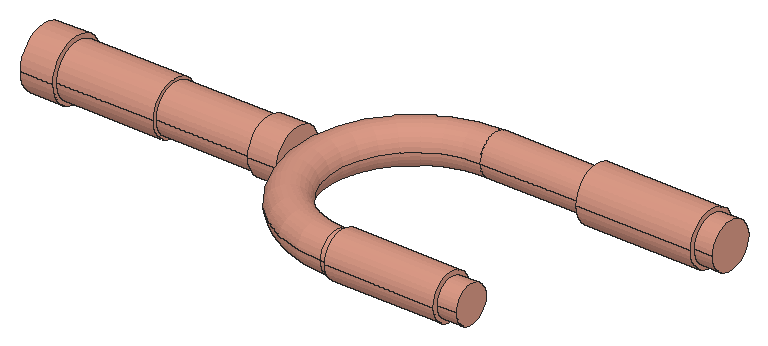
Revit family "outputfile", category 配管付属品, Revit 2024
Family settings
  丸型コネクタ寸法 = 半径を使用
  パーツ タイプ = 標準
  OmniClass 番号 = 23.65.55.00
  OmniClass タイトル = Distribution of Supplied Liquids/Gases
  作業面ベース = いいえ
  常に垂直 = はい
  ロード時にボイドで切り取り = いいえ
  共有 = いいえ
Parameters (values of type "KHRP24B33T")
  Description = ""
  製造元 = "Daikin"
  書き出し IFC クラス(タイプ) = "IfcPipeFittingType"
  定義済み IFC タイプ(タイプ) = "JUNCTION"
  Cost = 0
  Type Comments = ""
  Keynote = ""
  Type Image = (empty or 0)
  Assembly Code = ""
  switch_StraightPipe_Reducer2 [instance] = if(Is_StraightPipe Reducer = 1, 1 = 1, 1 = 0)  # no
  switch_StraightPipe1 [instance] = if(number_StraightPipe < 1, 1 = 0, 1 = 1)  # yes
  switch_StraightPipe4 [instance] = if(number_StraightPipe = 4, 1 = 1, 1 = 0)  # no
  switch_StraightPipe0 = if(1 = 1, 1 = 1, 1 = 0)  # yes
  switch_Inlet pipe1 [instance] = if(number_InletPipe = 0, 1 = 0, 1 = 1)  # yes
  switch_BranchPipe1 [instance] = if(number_BranchPipe = 0, 1 = 0, 1 = 1)  # yes
  mm⇔inch [instance] = yes
  l_dividePipe2 [instance] = size_lookup(table_Inlet, "L_devidePipe2", 49.3 mm, モデル)  # 50.06 mm
  l_dividePipe0 [instance] = 7.5 mm
  l_StraightPipe000 [instance] = if(l_StraightPipe0 = 36.0 mm, l_StraightPipe4 + l_StraightPipe0, 0.0 mm)  # 0.0 mm
  l_StraightPipe4 [instance] = size_lookup(table_StraightPipe, "L_Pipe4", 2.0 mm, モデル)  # 2.0 mm
  l_InletPipe000 [instance] = if(l_InletPipe3 = 2.0 mm, 0.0 mm, l_InletPipe3)  # 0.0 mm
  l_InletPipe00 = 11.47 mm
  l_BranchPipe_Straight2 [instance] = size_lookup(table_BranchPipe, "L_offsetPipe2", 2.0 mm, モデル)  # 2.0 mm
  l_BranchPipe_Straight1 [instance] = size_lookup(table_BranchPipe, "L_offsetPipe1", 2.0 mm, モデル)  # 2.0 mm
  URL = ""
  Is_StraightPipe Reducer1 [instance] = size_lookup(table_StraightPipe, "IsReducer1", 0, モデル, StraightPipe_Gas_ActualDiameter)  # 0
  I.D_StraightPipe4 [instance] = size_lookup(table_StraightPipe, "I.D_PipeSize4", 2.0 mm, モデル)  # 2.0 mm
  I.D_InletPipe000 [instance] = I.D_OutletPipe + 2.0 mm  # 15.88 mm
  I.D_InletPipe00 = 19.2 mm
  既定の高さ = 0.0 mm
  モデル = "KHRP24B33T"
  table_StraightPipe [instance] = if(mm⇔inch, "Refnet Joint_KHRP24B-T_Gas_StraightPipe", "Refnet Joint_KHRP24B-T_Gas_StraightPipe_inch")  # "Refnet Joint_KHRP24B-T_Gas_StraightPipe"
  table_BranchPipe [instance] = if(mm⇔inch, "Refnet Joint_KHRP24B-T_Gas_BranchPipe", "Refnet Joint_KHRP24B-T_Gas_BranchPipe_inch")  # "Refnet Joint_KHRP24B-T_Gas_BranchPipe"
  table_Inlet [instance] = if(mm⇔inch, "Refnet Joint_KHRP24B-T_Gas_Inlet", "Refnet Joint_KHRP24B-T_Gas_Inlet_inch")  # "Refnet Joint_KHRP24B-T_Gas_Inlet"
  switch_StraightPipe_Reducer1 [instance] = if(Is_StraightPipe Reducer1 = 1, 1 = 1, 1 = 0)  # no
  switch_StraightPipe3 [instance] = if(number_StraightPipe < 3, 1 = 0, 1 = 1)  # no
  switch_StraightPipe2 [instance] = if(number_StraightPipe < 2, 1 = 0, 1 = 1)  # no
  switch_BranchPipe_Reducer [instance] = if(Is_BranchPipe Reducer = 1, 1 = 1, 1 = 0)  # no
  switch_BranchPipe3 [instance] = if(number_BranchPipe = 3, 1 = 1, 1 = 0)  # no
  switch_BranchPipe2 [instance] = if(number_BranchPipe < 2, 1 = 0, 1 = 1)  # yes
  switch_Inlet pipe_Reducer [instance] = if(Is_Inlet Reducer = 1, 1 = 1, 1 = 0)  # no
  switch_Inlet pipe3 [instance] = if(number_InletPipe = 3, 1 = 1, 1 = 0)  # no
  switch_Inlet pipe2 [instance] = if(number_InletPipe < 2, 1 = 0, 1 = 1)  # yes
  Uniclass2015Version = "Products v1.31"
  Uniclass2015Title = "Copper pipe fittings"
  Uniclass2015Code = "Pr_65_52_63_18"
  StraightPipe_Gas_ActualDiameter [instance] = 15.9 mm
  Material_Piping = DAIKIN_Copper_Pipe
  Material_Insulation = DAIKIN_White_Insulation
  lw_Insulation [instance] = size_lookup(table_Inlet, "lw_Insulation", 45.0 mm, モデル)  # 54.96 mm
  Unit Type = "KHRP24B-T_Gas"
  Tag No. [instance] = ""
  StraightPipe_Gas_Status [instance] = size_lookup(table_StraightPipe, "Information", "The connected pipe size is not available.", モデル, StraightPipe_Gas_ActualDiameter)  # "Default connector size is used."
  Link_Nested Family [instance] = ""
  Inlet_Gas_Actual Diameter [instance] = 22.2 mm
  IfcVersion = ""
  IfcExportType = "JUNCTION"
  IfcExportAs = "IfcPipeFittingType"
  BranchPipe_Gas_Status [instance] = size_lookup(table_BranchPipe, "Information", "The connected pipe size is not available.", モデル, BranchPipe_Gas_ActualDiameter)  # "Default connector size is used."
  Inlet_Gas_Status [instance] = size_lookup(table_Inlet, "Information", "The connected pipe size is not available.", モデル, Inlet_Gas_Actual Diameter)  # "Default connector size is used."
  Series = "Refnet Joint"
  r_StraightPipe_Connector [instance] = StraightPipe_Gas_ActualDiameter / 2  # 7.95 mm
  r_BranchPipe_Connector [instance] = BranchPipe_Gas_ActualDiameter / 2  # 6.35 mm
  r_Inlet_Connector [instance] = Inlet_Gas_Actual Diameter / 2  # 11.1 mm
  number_StraightPipe [instance] = size_lookup(table_StraightPipe, "pipeNumber", 2, モデル, StraightPipe_Gas_ActualDiameter)  # 1
  number_BranchPipe [instance] = size_lookup(table_BranchPipe, "pipeNumber", 2, モデル, BranchPipe_Gas_ActualDiameter)  # 2
  number_InletPipe [instance] = size_lookup(table_Inlet, "pipeNumber", 3, モデル, Inlet_Gas_Actual Diameter)  # 2
  l_BranchPipe connector [instance] = size_lookup(table_BranchPipe, "Length", 52.3 mm, モデル, BranchPipe_Gas_ActualDiameter)  # 51.47 mm
  l_inlet connector [instance] = size_lookup(table_Inlet, "Length", 131.5 mm, モデル, Inlet_Gas_Actual Diameter)  # 101.47 mm
  l_dividePipe1 [instance] = size_lookup(table_Inlet, "L_devidePipe1", 89.3 mm, モデル)  # 88.01 mm
  l_StraightPipeReducer [instance] = size_lookup(table_StraightPipe, "L_Reducer", 2.0 mm, モデル, StraightPipe_Gas_ActualDiameter)  # 2.0 mm
  l_StraightPipe3 [instance] = size_lookup(table_StraightPipe, "L_Pipe3", 2.0 mm, モデル)  # 2.0 mm
  l_StraightPipe2 [instance] = size_lookup(table_StraightPipe, "L_Pipe2", 8.7 mm, モデル)  # 2.0 mm
  l_StraightPipe1 [instance] = size_lookup(table_StraightPipe, "L_Pipe1", 43.6 mm, モデル)  # 7.6 mm
  l_StraightPipe0 [instance] = size_lookup(table_StraightPipe, "L_Pipe0", 2.0 mm, モデル)  # 45.9 mm
  l_StraightPipe connector [instance] = size_lookup(table_StraightPipe, "Length", 52.3 mm, モデル, StraightPipe_Gas_ActualDiameter)  # 53.5 mm
  l_BranchPipe Reducer [instance] = size_lookup(table_BranchPipe, "L_Reducer", 2.0 mm, モデル, BranchPipe_Gas_ActualDiameter)  # 2.0 mm
  l_BranchPipe3 [instance] = size_lookup(table_BranchPipe, "L_Pipe3", 2.0 mm, モデル)  # 2.0 mm
  l_BranchPipe2 [instance] = size_lookup(table_BranchPipe, "L_Pipe2", 8.7 mm, モデル)  # 8.0 mm
  l_BranchPipe1 [instance] = size_lookup(table_BranchPipe, "L_Pipe1", 43.6 mm, モデル)  # 43.47 mm
  l_BranchPipe0 [instance] = size_lookup(table_BranchPipe, "L_Pipe0", 2.0 mm, モデル)  # 2.0 mm
  l_InletReducer [instance] = size_lookup(table_Inlet, "L_Reducer", 2.0 mm, モデル, Inlet_Gas_Actual Diameter)  # 2.0 mm
  l_InletPipe3 [instance] = size_lookup(table_Inlet, "L_Pipe3", 8.0 mm, モデル)  # 2.0 mm
  l_InletPipe2 [instance] = size_lookup(table_Inlet, "L_Pipe2", 42.0 mm, モデル)  # 13.02 mm
  l_InletPipe1 [instance] = size_lookup(table_Inlet, "L_Pipe1", 41.4 mm, モデル)  # 39.08 mm
  l_InletPipe0 [instance] = size_lookup(table_Inlet, "L_Pipe0", 28.6 mm, モデル)  # 37.9 mm
  center_StraightPipe [instance] = size_lookup(table_StraightPipe, "center_Pipe", 40.0 mm, モデル)  # 40.0 mm
  center_BranchPipe [instance] = size_lookup(table_BranchPipe, "center_OffsetPipe", 40.0 mm, モデル)  # 40.0 mm
  StraightPipe_Gas_AvailableDiameter [instance] = size_lookup(table_StraightPipe, "sizeVariation", "", モデル)  # "15.9/19.1/22.2/25.4mm"
  BranchPipe_Gas_AvailableDiameter [instance] = size_lookup(table_BranchPipe, "sizeVariation", "", モデル)  # "12.7/15.9/19.1mm"
  Inlet_Gas_Available Diameter [instance] = size_lookup(table_Inlet, "sizeVariation", "", モデル)  # "19.1/22.2mm"
  O.D_StraightPipe Reducer [instance] = size_lookup(table_StraightPipe, "O.D_reducer", 2.0 mm, モデル, StraightPipe_Gas_ActualDiameter)  # 2.0 mm
  O.D_Offset Outlet Reducer [instance] = size_lookup(table_BranchPipe, "O.D_reducer", 2.0 mm, モデル, BranchPipe_Gas_ActualDiameter)  # 2.0 mm
  O.D_Inlet Reducer [instance] = size_lookup(table_Inlet, "O.D_reducer", 2.0 mm, モデル, Inlet_Gas_Actual Diameter)  # 2.0 mm
  Is_StraightPipe Reducer [instance] = size_lookup(table_StraightPipe, "IsReducer", 0, モデル, StraightPipe_Gas_ActualDiameter)  # 0
  Is_BranchPipe Reducer [instance] = size_lookup(table_BranchPipe, "IsReducer", 0, モデル, BranchPipe_Gas_ActualDiameter)  # 0
  Is_Inlet Reducer [instance] = size_lookup(table_Inlet, "IsReducer", 0, モデル, Inlet_Gas_Actual Diameter)  # 0
  BranchPipe_Gas_ActualDiameter [instance] = 12.7 mm
  Attach_Insulation [instance] = no
  I.D_StraightPipe3 [instance] = size_lookup(table_StraightPipe, "I.D_PipeSize3", 2.0 mm, モデル)  # 2.0 mm
  I.D_StraightPipe2 [instance] = size_lookup(table_StraightPipe, "I.D_PipeSize2", 12.7 mm, モデル)  # 2.0 mm
  I.D_StraightPipe1 [instance] = size_lookup(table_StraightPipe, "I.D_PipeSize1", 15.9 mm, モデル)  # 15.9 mm
  I.D_StraightPipe0 [instance] = size_lookup(table_StraightPipe, "I.D_PipeSize0", 2.0 mm, モデル)  # 19.1 mm
  I.D_BranchPipe3 [instance] = size_lookup(table_BranchPipe, "I.D_PipeSize3", 2.0 mm, モデル)  # 2.0 mm
  I.D_BranchPipe2 [instance] = size_lookup(table_BranchPipe, "I.D_PipeSize2", 12.7 mm, モデル)  # 12.7 mm
  I.D_BranchPipe1 [instance] = size_lookup(table_BranchPipe, "I.D_PipeSize1", 15.9 mm, モデル)  # 15.9 mm
  I.D_BranchPipe0 [instance] = size_lookup(table_BranchPipe, "I.D_PipeSize0", 2.0 mm, モデル)  # 2.0 mm
  I.D_Straight Reducer [instance] = size_lookup(table_StraightPipe, "I.D_reducer", 2.0 mm, モデル, StraightPipe_Gas_ActualDiameter)  # 2.0 mm
  I.D_OutletPipe [instance] = size_lookup(table_Inlet, "I.D_OutletPipeSize", 13.9 mm, モデル, Inlet_Gas_Actual Diameter)  # 13.88 mm
  I.D_Branch Reducer [instance] = size_lookup(table_BranchPipe, "I.D_reducer", 2.0 mm, モデル, BranchPipe_Gas_ActualDiameter)  # 2.0 mm
  I.D_Inlet Reducer [instance] = size_lookup(table_Inlet, "I.D_reducer", 2.0 mm, モデル, Inlet_Gas_Actual Diameter)  # 2.0 mm
  I.D_InletPipe3 [instance] = size_lookup(table_Inlet, "I.D_PipeSize3", 12.7 mm, モデル)  # 2.0 mm
  I.D_InletPipe2 [instance] = size_lookup(table_Inlet, "I.D_PipeSize2", 15.9 mm, モデル)  # 22.2 mm
  I.D_InletPipe1 [instance] = size_lookup(table_Inlet, "I.D_PipeSize1", 19.1 mm, モデル)  # 19.1 mm
  I.D_InletPipe0 [instance] = size_lookup(table_Inlet, "I.D_PipeSize0", 17.1 mm, モデル)  # 17.05 mm
Reference planes
  plane 1 "Center (Front/Back)": y = 0
  plane 2: z = 0
  plane 3 "base_left": x = 0
  plane 4: x = 2
  plane 5: x = 13.02
  plane 6: x = 52.1
  plane 7: x = 90
  plane 8: x = 101.47
  plane 9 "l_dividePipe1": x = 189.48
  plane 10: x = 235.38
  plane 11 "center_straight outlet": y = 40
  plane 12 "center2_offset outlet": y = -40
  plane 13: x = 242.98
  plane 14: x = 244.98
  plane 15: x = 195
  plane 16: x = 203
  plane 17: x = 246.98
  plane 18: x = 205
  plane 19 "Reducer_straightoutlet": x = 203
  plane 20 "connector1": x = 242.98
  plane 21 "Inlet_connector": x = 0
  plane 22 "Left_Insulation": x = 46.51
  plane 23: x = 108.97
  plane 24 "l_dividePipe2": x = 151.53
  plane 25: x = 148.97
  plane 26 "2": x = 0
  plane 27: x = 248.98
Forms (mm)
  Sweep 1, solid, material "DAIKIN_Copper_Pipe" <- "Material_Piping"
    path origin (0, 0, 0) x (1, 0, 0) y (0, 1, 0)
      loop
        line (151.53, -40) -> (148.97, -40)
        arc (148.97, -40) -> (108.97, 0) -> (148.97, 40) r 40
        line (148.97, 40) -> (189.48, 40)
    profile origin (169.225, 40, 0) x (0, 1, 0) y (0, 0, 1)
      loop
        circle (0, 0) r 7.94
Dimensions and locks
  "l_InletPipe3": plane 3 "base_left" to plane 4
  "l_InletPipe2": plane 26 "2" to plane 5
  "l_InletPipe1": plane 5 to plane 6
  "l_InletPipe0": plane 6 to plane 7
  "l_InletPipe00": plane 7 to plane 8
  "center_StraightPipe": plane 1 "Center (Front/Back)" to plane 11 "center_straight outlet"
  "center_BranchPipe": plane 12 "center2_offset outlet" to plane 1 "Center (Front/Back)"
  "l_dividePipe1": plane 8 to plane 9 "l_dividePipe1"
  "l_StraightPipe1": plane 10 to plane 13
  "l_BranchPipe2": plane 15 to plane 16
  "l_StraightPipe3": plane 14 to plane 17
  "l_BranchPipe3": plane 16 to plane 18
  "l_BranchPipe connector": plane 24 "l_dividePipe2" to plane 19 "Reducer_straightoutlet"
  "l_StraightPipe connector": plane 9 "l_dividePipe1" to plane 20 "connector1"
  "l_inlet connector": plane 21 "Inlet_connector" to plane 8
  "lw_Insulation": plane 22 "Left_Insulation" to plane 8
  "l_dividePipe0": plane 8 to plane 23
  "l_dividePipe2": plane 8 to plane 24 "l_dividePipe2"
  "l_BranchPipe1": plane 24 "l_dividePipe2" to plane 15
  "center_StraightPipe": plane 23 to plane 25
  "l_InletPipe000": plane 3 "base_left" to plane 26 "2"
  "l_StraightPipe0": plane 9 "l_dividePipe1" to plane 10
  "l_StraightPipe2": plane 13 to plane 14
  "l_StraightPipe4": plane 17 to plane 27
  "center_StraightPipe": radius of Sweep 1 sketch curve
  "I.D_InletPipe000": diameter of Sweep 1 sketch curve
  aligned and locked: level to plane 2
  aligned and locked: plane 8 to nested 1
  aligned and locked: plane 1 "Center (Front/Back)" to nested 1
  aligned and locked: plane 11 "center_straight outlet" to nested 2
  aligned and locked: nested 2 to plane 9 "l_dividePipe1"
  aligned and locked: plane 12 "center2_offset outlet" to nested 3
  aligned and locked: nested 4 to plane 1 "Center (Front/Back)"
  aligned and locked: nested 5 to plane 12 "center2_offset outlet"
  aligned and locked: plane 20 "connector1" to nested 6
  aligned and locked: nested 6 to plane 11 "center_straight outlet"
  aligned and locked: nested 4 to plane 21 "Inlet_connector"
  aligned and locked: plane 19 "Reducer_straightoutlet" to nested 5
  aligned and locked: plane 1 "Center (Front/Back)" to nested 7
  aligned and locked: plane 22 "Left_Insulation" to nested 7
  aligned and locked: plane 1 "Center (Front/Back)" to Sweep 1 sketch curve
  aligned and locked: plane 9 "l_dividePipe1" to Sweep 1 sketch curve
  aligned and locked: plane 25 to Sweep 1 sketch curve
  aligned and locked: plane 24 "l_dividePipe2" to nested 3
  aligned and locked: nested 8 to plane 11 "center_straight outlet"
  aligned and locked: plane 24 "l_dividePipe2" to Sweep 1 sketch curve
  aligned and locked: plane 1 "Center (Front/Back)" to nested 9
  aligned and locked: nested 9 to plane 8
  aligned and locked: nested 9 to plane 7
  aligned and locked: plane 2 to nested 9
  aligned and locked: nested 10 to plane 7
  aligned and locked: plane 1 "Center (Front/Back)" to nested 10
  aligned and locked: plane 6 to nested 10
  aligned and locked: plane 1 "Center (Front/Back)" to nested 11
  aligned and locked: plane 6 to nested 11
  aligned and locked: plane 5 to nested 11
  aligned and locked: plane 5 to nested 12
  aligned and locked: plane 26 "2" to nested 12
  aligned and locked: plane 3 "base_left" to nested 13
  aligned and locked: plane 4 to nested 13
  aligned and locked: plane 24 "l_dividePipe2" to nested 14
  aligned and locked: nested 14 to plane 12 "center2_offset outlet"
  aligned and locked: plane 15 to nested 14
  aligned and locked: nested 15 to plane 12 "center2_offset outlet"
  aligned and locked: plane 15 to nested 15
  aligned and locked: plane 16 to nested 15
  aligned and locked: nested 16 to plane 12 "center2_offset outlet"
  aligned and locked: plane 16 to nested 16
  aligned and locked: plane 18 to nested 16
  aligned and locked: nested 17 to plane 11 "center_straight outlet"
  aligned and locked: nested 17 to plane 9 "l_dividePipe1"
  aligned and locked: nested 17 to plane 10
  aligned and locked: nested 18 to plane 11 "center_straight outlet"
  aligned and locked: nested 18 to plane 10
  aligned and locked: nested 19 to plane 11 "center_straight outlet"
  aligned and locked: plane 13 to nested 18
  aligned and locked: nested 20 to plane 11 "center_straight outlet"
  aligned and locked: nested 21 to plane 11 "center_straight outlet"
  aligned and locked: plane 17 to nested 21
  aligned and locked: plane 27 to nested 21
  aligned and locked: plane 17 to nested 20
  aligned and locked: plane 14 to nested 20
  aligned and locked: plane 14 to nested 19
  aligned and locked: plane 13 to nested 19
  aligned and locked: nested 8 to plane 10
Automatic sketch dimensions
  Sweep 1 sketch curve to level = 0.0 mm
  Sweep 1 sketch curve to profile plane = 0.0 mm
Nested families
  nested 1: "daikin_connector_rotate2" at (101.47, 0, 0) x (0, -1, 0) z (0, 0, 1), length <- "l_inlet connector", type "daikin_connector_rotate2"
    with radius 5.0 mm, length 101.47 mm, angle_vertical 90.00°, show_face no, locaton_mark no
  nested 2: "daikin_connector_rotate2" at (189.48, 40, 0) x (0, 1, 0) z (0, 0, 1), length <- "l_StraightPipe connector", type "daikin_connector_rotate2"
    with radius 5.0 mm, length 53.5 mm, angle_vertical 90.00°, show_face no, locaton_mark no
  nested 3: "daikin_connector_rotate2" at (151.53, -40, 0) x (0, 1, 0) z (0, 0, 1), length <- "l_BranchPipe connector", type "daikin_connector_rotate2"
    with radius 5.0 mm, length 51.47 mm, angle_vertical 90.00°, show_face no, locaton_mark no
  nested 4: "daikin_Pipe_reducer" at (1, 0, 0) x (-1, 0, 0) z (0, 0, 1), display <- "switch_Inlet pipe_Reducer", length_Pipe <- "l_InletReducer", I.D_Pipe1 <- "I.D_Inlet Reducer", O.D_Pipe2 <- "O.D_Inlet Reducer", type "*"
    with length_Pipe 2.0 mm, display no, O.D_Pipe2 2.0 mm, O.D_Pipe1 4.0 mm, I.D_Pipe2 0.0 mm, I.D_Pipe1 2.0 mm
  nested 5: "daikin_Pipe_reducer" at (202, -40, 0), I.D_Pipe1 <- "I.D_Branch Reducer", O.D_Pipe2 <- "O.D_Offset Outlet Reducer", length_Pipe <- "l_BranchPipe Reducer", display <- "switch_BranchPipe_Reducer", type "*"
    with length_Pipe 2.0 mm, display no, O.D_Pipe2 2.0 mm, O.D_Pipe1 4.0 mm, I.D_Pipe2 0.0 mm, I.D_Pipe1 2.0 mm
  nested 6: "daikin_Pipe_reducer" at (241.98, 40, 0), I.D_Pipe1 <- "I.D_Straight Reducer", O.D_Pipe2 <- "O.D_StraightPipe Reducer", length_Pipe <- "l_StraightPipeReducer", display <- "switch_StraightPipe_Reducer2", type "*"
    with length_Pipe 2.0 mm, display no, O.D_Pipe2 2.0 mm, O.D_Pipe1 4.0 mm, I.D_Pipe2 0.0 mm, I.D_Pipe1 2.0 mm
  nested 7: "daikin_Insulation_RefnetJoint" at (46.51, 0, 0), I.D_Outlet PipeSize <- "I.D_OutletPipe", type "*"
    with h 45.88 mm, I.D_Outlet PipeSize 13.88 mm, w_Insulation1 38.0 mm, display no
  nested 8: "daikin_Pipe_reducer" at (236.38, 40, 0), display <- "switch_StraightPipe_Reducer1", length_Pipe <- "l_StraightPipeReducer", type "*"
    with length_Pipe 2.0 mm, display no, O.D_Pipe2 19.1 mm, O.D_Pipe1 24.2 mm, I.D_Pipe2 17.1 mm, I.D_Pipe1 22.2 mm
  nested 9: "daikin_Pipe" at (95.735, 0, 0), I.D_Pipe <- "I.D_InletPipe00", type "*"
    with length_Pipe 11.47 mm, display yes, O.D_Pipe 21.2 mm, I.D_Pipe 19.2 mm
  nested 10: "daikin_Pipe" at (71.05, 0, 0), I.D_Pipe <- "I.D_InletPipe0", type "*"
    with length_Pipe 37.9 mm, display yes, O.D_Pipe 19.05 mm, I.D_Pipe 17.05 mm
  nested 11: "daikin_Pipe" at (32.56, 0, 0), I.D_Pipe <- "I.D_InletPipe1", display <- "switch_Inlet pipe1", type "*"
    with length_Pipe 39.08 mm, display yes, O.D_Pipe 21.1 mm, I.D_Pipe 19.1 mm
  nested 12: "daikin_Pipe" at (6.51, 0, 0), I.D_Pipe <- "I.D_InletPipe2", display <- "switch_Inlet pipe2", type "*"
    with length_Pipe 13.02 mm, display yes, O.D_Pipe 24.2 mm, I.D_Pipe 22.2 mm
  nested 13: "daikin_Pipe" at (1, 0, 0), I.D_Pipe <- "I.D_InletPipe3", display <- "switch_Inlet pipe3", type "*"
    with length_Pipe 2.0 mm, display no, O.D_Pipe 4.0 mm, I.D_Pipe 2.0 mm
  nested 14: "daikin_Pipe" at (173.265, -40, 0), I.D_Pipe <- "I.D_BranchPipe1", display <- "switch_BranchPipe1", type "*"
    with length_Pipe 43.47 mm, display yes, O.D_Pipe 17.9 mm, I.D_Pipe 15.9 mm
  nested 15: "daikin_Pipe" at (199, -40, 0), I.D_Pipe <- "I.D_BranchPipe2", display <- "switch_BranchPipe2", type "*"
    with length_Pipe 8.0 mm, display yes, O.D_Pipe 14.7 mm, I.D_Pipe 12.7 mm
  nested 16: "daikin_Pipe" at (204, -40, 0), I.D_Pipe <- "I.D_BranchPipe3", display <- "switch_BranchPipe3", type "*"
    with length_Pipe 2.0 mm, display no, O.D_Pipe 4.0 mm, I.D_Pipe 2.0 mm
  nested 17: "daikin_Pipe" at (212.43, 40, 0), I.D_Pipe <- "I.D_StraightPipe0", display <- "switch_StraightPipe0", type "*"
    with length_Pipe 45.9 mm, display yes, O.D_Pipe 21.1 mm, I.D_Pipe 19.1 mm
  nested 18: "daikin_Pipe" at (239.18, 40, 0), I.D_Pipe <- "I.D_StraightPipe1", display <- "switch_StraightPipe1", type "*"
    with length_Pipe 7.6 mm, display yes, O.D_Pipe 17.9 mm, I.D_Pipe 15.9 mm
  nested 19: "daikin_Pipe" at (243.98, 40, 0), I.D_Pipe <- "I.D_StraightPipe2", display <- "switch_StraightPipe2", type "*"
    with length_Pipe 2.0 mm, display no, O.D_Pipe 4.0 mm, I.D_Pipe 2.0 mm
  nested 20: "daikin_Pipe" at (245.98, 40, 0), I.D_Pipe <- "I.D_StraightPipe3", display <- "switch_StraightPipe3", type "*"
    with length_Pipe 2.0 mm, display no, O.D_Pipe 4.0 mm, I.D_Pipe 2.0 mm
  nested 21: "daikin_Pipe" at (247.98, 40, 0), I.D_Pipe <- "I.D_StraightPipe4", display <- "switch_StraightPipe4", type "*"
    with length_Pipe 2.0 mm, display no, O.D_Pipe 4.0 mm, I.D_Pipe 2.0 mm
Connectors
  piping at (0, 0, 0), diameter 22.2, driven by "r_Inlet_Connector"
    settings: on nested 1, index 1, connector inside diameter 609.6 mm, connector length 0.0 mm, flow factor 0, pipe flow 0.00 m³/h, pressure drop 0.0 Pa, fitting loss kfactor 0, connector angle 0.00°, fixture units 0, engagement length 0.0 mm, angle of deflection 0.00°, flow configuration 0, flow direction 2, fitting loss method 0, system type 29, joint type 0, gender type 0, connector reference index -1, connector utility 0, adjustable connector no, is connector primary yes, connector description "Refnet Joint_Inlet_Gas"
  piping at (203, -40, 0), diameter 12.7, driven by "r_BranchPipe_Connector"
    settings: on nested 3, index 2, connector inside diameter 609.6 mm, connector length 0.0 mm, flow factor 0, pipe flow 0.00 m³/h, pressure drop 0.0 Pa, fitting loss kfactor 0, connector angle 0.00°, fixture units 0, engagement length 0.0 mm, angle of deflection 0.00°, flow configuration 0, flow direction 1, fitting loss method 0, system type 29, joint type 0, gender type 0, connector reference index -1, connector utility 0, adjustable connector no, is connector primary no, connector description "Refnet Joint_Outlet Branch_Gas"
  piping at (242.98, 40, 0), diameter 15.9, driven by "r_StraightPipe_Connector"
    settings: on nested 2, index 3, connector inside diameter 609.6 mm, connector length 0.0 mm, flow factor 0, pipe flow 0.00 m³/h, pressure drop 0.0 Pa, fitting loss kfactor 0, connector angle 0.00°, fixture units 0, engagement length 0.0 mm, angle of deflection 0.00°, flow configuration 0, flow direction 1, fitting loss method 0, system type 29, joint type 0, gender type 0, connector reference index -1, connector utility 0, adjustable connector no, is connector primary no, connector description "Refnet Joint_Outlet Straight_Gas"
Definition of nested family "daikin_Pipe"
  Parameters (values of type "*")
    Default Elevation = 0.0 mm
    material = none
    length_Pipe [instance] = 150.0 mm
    display [instance] = yes
    O.D_Pipe [instance] = I.D_Pipe + 2.0 mm  # 27.0 mm
    I.D_Pipe [instance] = 25.0 mm
  Reference planes
    plane 1 "Center (Front/Back)": y = 0
    plane 2 "center(vertical)": z = 0
    plane 3 "Center (Left/Right)": x = 0
    plane 4 "left": x = -75
    plane 5 "right": x = 75
  Forms (mm)
    Extrusion 1, solid, material <- "material", visible <- "display"
      sketch origin (0, 0, 0) x (0, 1, 0) y (0, 0, 1)
        loop
          circle (0, 0) r 13.5
      from -75 to 75
  Dimensions and locks
    equal spacing: plane 4 "left", plane 3 "Center (Left/Right)", plane 5 "right"
    "length_Pipe": plane 4 "left" to plane 5 "right"
    "O.D_Pipe": diameter of Extrusion 1 sketch curve
    aligned and locked: level to plane 2 "center(vertical)"
    aligned and locked: plane 2 "center(vertical)" to Extrusion 1 sketch curve
    aligned and locked: plane 1 "Center (Front/Back)" to Extrusion 1 sketch curve
    aligned and locked: plane 5 "right" to Extrusion 1
    aligned and locked: Extrusion 1 to plane 4 "left"
Definition of nested family "daikin_connector_rotate2"
  Parameters (values of type "daikin_connector_rotate2")
    show_face = yes
    radius [instance] = 10.0 mm
    locaton_mark = yes
    length [instance] = 600.0 mm
    d_surface = 10.0 mm
    angle_vertical [instance] = 90.00°
    Default Elevation = 0.0 mm
  Reference planes
    plane 1 "Center (Front/Back)": y = 0
    plane 2: z = 0
    plane 3 "Center (Left/Right)": x = 0
  Forms (mm)
    Extrusion 1, solid, visible <- "show_face"
      sketch origin (0, -600, 0) x (1, 0, 0) y (0, 0, 1)
        loop
          circle (0, 0) r 10
      from 0 to -10
  Lines and regions (mm)
    reference lines
      curve 1: line (0, 0, 0) -> (0, -600, 0)
    symbolic lines, visible <- "locaton_mark"
      curve 2: circle (0, 0, 0) r 5 normal (0, 0, 1)
    model lines, visible <- "show_face"
      curve 3: line (0, 0, 0) -> (0, -600, 0)
  Dimensions and locks
    "length": curve 1 to curve 1
    "length": curve 3 to curve 3
    "d_surface": Extrusion 1 to Extrusion 1
    "radius": radius of Extrusion 1 sketch curve
    "angle_vertical": angle curve 1 to plane 1 "Center (Front/Back)"
    "angle_vertical": angle curve 3 to plane 1 "Center (Front/Back)"
    aligned and locked: level to plane 2
    aligned and locked: plane 1 "Center (Front/Back)" to curve 1
    aligned and locked: plane 2 to curve 1
    aligned and locked: plane 1 "Center (Front/Back)" to curve 2
    aligned and locked: plane 3 "Center (Left/Right)" to curve 2
    aligned and locked: plane 1 "Center (Front/Back)" to curve 3
    aligned and locked: plane 2 to curve 3
    aligned and locked: Extrusion 1 to Extrusion 1
  Automatic sketch dimensions
    Extrusion 1 sketch curve to level = 0.0 mm
    Extrusion 1 sketch curve to plane 3 "Center (Left/Right)" = 0.0 mm
    radius of curve 2 = 5.0 mm
Definition of nested family "daikin_Pipe_reducer"
  Parameters (values of type "*")
    Default Elevation = 0.0 mm
    material = none
    length_Pipe [instance] = 250.0 mm
    display [instance] = yes
    O.D_Pipe2 [instance] = 19.1 mm
    O.D_Pipe1 [instance] = I.D_Pipe1 + 2.0 mm  # 24.2 mm
    I.D_Pipe2 [instance] = O.D_Pipe2 - 2.0 mm  # 17.1 mm
    I.D_Pipe1 [instance] = 22.2 mm
  Reference planes
    plane 1 "Center (Front/Back)": y = 0
    plane 2 "center(vertical)": z = 0
    plane 3 "Center (Left/Right)": x = 0
    plane 4 "connection": x = -125
    plane 5 "right": x = 113
    plane 6: x = 125
  Forms (mm)
    Extrusion 1, solid, material <- "material", visible <- "display"
      sketch origin (0, 0, 0) x (0, 1, 0) y (0, 0, 1)
        loop
          circle (0, 0) r 9.55
      from -125 to 113
    Extrusion 2, solid, material <- "material", visible <- "display"
      sketch origin (0, 0, 0) x (0, 1, 0) y (0, 0, 1)
        loop
          circle (0, 0) r 12.1
      from 113 to 125
  Dimensions and locks
    locked: plane 5 "right" to plane 6 at 12
    "length_Pipe": plane 4 "connection" to plane 6
    equal spacing: plane 4 "connection", plane 3 "Center (Left/Right)", plane 6
    "O.D_Pipe2": diameter of Extrusion 1 sketch curve
    "O.D_Pipe1": diameter of Extrusion 2 sketch curve
    aligned and locked: level to plane 2 "center(vertical)"
    aligned and locked: plane 2 "center(vertical)" to Extrusion 1 sketch curve
    aligned and locked: plane 1 "Center (Front/Back)" to Extrusion 1 sketch curve
    aligned and locked: plane 5 "right" to Extrusion 1
    aligned and locked: Extrusion 1 to plane 4 "connection"
    aligned and locked: plane 2 "center(vertical)" to Extrusion 2 sketch curve
    aligned and locked: plane 1 "Center (Front/Back)" to Extrusion 2 sketch curve
    aligned and locked: Extrusion 2 to plane 5 "right"
    aligned and locked: plane 6 to Extrusion 2
Definition of nested family "daikin_Insulation_RefnetJoint"
  Parameters (values of type "*")
    Default Elevation = 0.0 mm
    Model = "KHRP24B22T"
    w_Insulation3 = size_lookup(table_Insulation, "w_Insulation3", 16.0 mm, Model)  # 35.0 mm
    w_Insulation2 = size_lookup(table_Insulation, "w_Insulation2", 77.0 mm, Model)  # 77.0 mm
    w_Insulation1 = size_lookup(table_Insulation, "w_Insulation1", 28.0 mm, Model)  # 28.0 mm
    table_Insulation = "Refnet Joint_KHRP24B-T_Gas_Insulation"  # constant formula
    r_Insulation = 72.0 mm  # constant formula
    material = none
    h [instance] = (I.D_Outlet PipeSize + 2.0 mm) + 30.0 mm  # 47.0 mm
    display = yes
    d_Insulation3 = size_lookup(table_Insulation, "d_Insulation3", 16.0 mm, Model)  # 16.0 mm
    d_Insulation2 = size_lookup(table_Insulation, "d_Insulation2", 64.0 mm, Model)  # 64.0 mm
    d_Insulation1 = size_lookup(table_Insulation, "d_Insulation1", 144.0 mm, Model)  # 144.0 mm
    I.D_Outlet PipeSize [instance] = 15.0 mm
  Reference planes
    plane 1 "Center (Front/Back)": y = 0
    plane 2: z = 0
    plane 3 "Left": x = 0
    plane 4 "top": z = 23.5
    plane 5 "bottom": z = -23.5
    plane 6: x = 28
    plane 7: y = 32
    plane 8: y = -32
    plane 9: y = 72
    plane 10: y = -72
    plane 11: x = 105
    plane 12: x = 140
    plane 13: y = 8
    plane 14: y = -8
  Forms (mm)
    Extrusion 1, solid, material <- "material", visible <- "display"
      sketch origin (-2, 0, 0) x (1, 0, 0) y (0, 1, 0)
        loop
          arc (94.498, 72) -> (56.551, 61.188) -> (30, 32) r 72
          line (30, 32) -> (2, 32) -> (2, -32) -> (30, -32)
          arc (30, -32) -> (56.551, -61.188) -> (94.498, -72) r 72
          line (94.498, -72) -> (142, -72) -> (142, -8) -> (107, -8) -> (107, 8) -> (142, 8) -> (142, 72) -> (94.498, 72)
      from -23.5 to 23.5
  Dimensions and locks
    equal spacing: plane 4 "top", plane 2, plane 5 "bottom"
    "h": plane 4 "top" to plane 5 "bottom"
    "d_Insulation2": plane 7 to plane 8
    "d_Insulation1": plane 9 to plane 10
    "w_Insulation2": plane 6 to plane 11
    "w_Insulation3": plane 11 to plane 12
    "d_Insulation3": plane 13 to plane 14
    "w_Insulation1": plane 3 "Left" to plane 6
    equal spacing: plane 9, plane 1 "Center (Front/Back)", plane 10
    equal spacing: plane 7, plane 1 "Center (Front/Back)", plane 8
    equal spacing: plane 13, plane 1 "Center (Front/Back)", plane 14
    "r_Insulation": radius of Extrusion 1 sketch curve  (x2)
    aligned and locked: level to plane 2
    aligned and locked: Extrusion 1 to plane 5 "bottom"
    aligned and locked: plane 4 "top" to Extrusion 1
    aligned and locked: Extrusion 1 sketch curve to plane 10
    aligned and locked: Extrusion 1 sketch curve to plane 9
    aligned and locked: plane 7 to Extrusion 1 sketch curve
    aligned and locked: plane 8 to Extrusion 1 sketch curve
    aligned and locked: Extrusion 1 sketch curve to plane 12  (x2)
    aligned and locked: plane 13 to Extrusion 1 sketch curve
    aligned and locked: Extrusion 1 sketch curve to plane 14
    aligned and locked: Extrusion 1 sketch curve to plane 11
    aligned and locked: Extrusion 1 to plane 3 "Left"
    aligned and locked: plane 6 to Extrusion 1 sketch curve  (x2)
  Automatic sketch dimensions
    Extrusion 1 sketch curve to plane 3 "Left" = 0.0 mm
